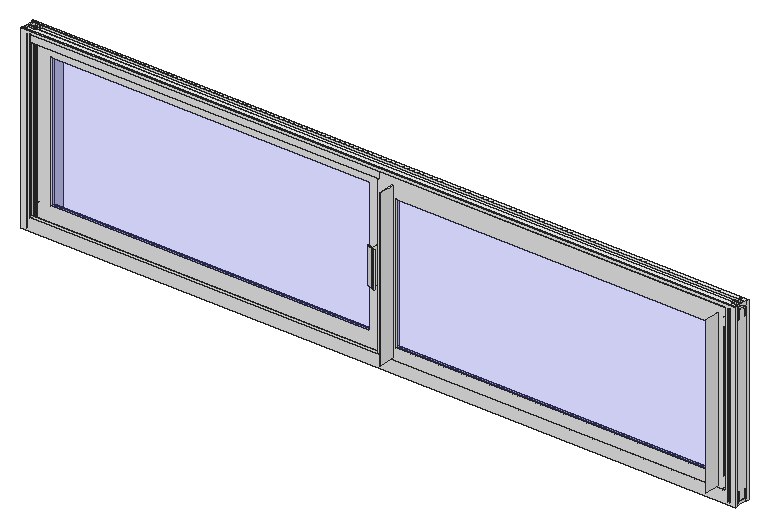
Revit family "WAL_A3-Classic-Horizontal-Slider-2400x600-SW246", category Windows, host Wall, Revit 2016
Family settings
  Host = Wall
  Always vertical = Yes
  Cut with Voids When Loaded = No
  Shared = No
  Room Calculation Point = No
Parameters (values of type "2400 x 600 SW246 Classical Hoerizontal Slider")
  URL = "www.agi.co.za"
  Model = "Slider"
  Manufacturer Code = "SW246"
  Manufacturer = "AGI Aluminium"
  Height = 600 mm
  Glass Material = Glass
  Frame Material = Metal Aluminium
  Description = "Classic Horizontal Slider"
  Default Sill Height = 800 mm
  Wall Closure = By host
  Width = 2400 mm
  Assembly Code = "B2020110"
Reference planes
  plane 1 "Center": y = 0
  plane 2 "Center (Left/Right)": x = 0
  plane 3 "Left": x = -1200
  plane 4 "Right": x = 1200
  plane 5 "Sill": z = 800
  plane 6 "Head": z = 1400
  plane 7 "Exterior": y = 75
  plane 8 "Interior": y = -75
  plane 9: z = 1100
Forms (mm)
  Sweep 1, solid, material "Metal Aluminium" <- "Frame Material", detail levels medium+fine
    path origin (0, 0, 0) x (1, 0, 0) y (0, 0, 1)
      loop
        line (1200, 1400) -> (-1200, 1400)
    profile "Top Frame : Top Frame" origin (0, 0, 1400) x (0, 0, -1) y (0, -1, 0)
      loop
        line (0, -21) -> (0, -27) -> (40, -27) -> (40, -25) -> (14.96, -25) -> (14.96, -14) -> (40, -14) -> (40, -12) -> (14.96, -12) -> (9.96, -3.34) -> (9.96, 3.34) -> (14.96, 12) -> (40, 12) -> (40, 14) -> (13.805, 14) -> (7.96, 3.876) -> (7.96, 1) -> (5.96, 1) -> (5.96, 27) -> (0, 27) -> (0, 21) -> (2, 21) -> (2, 25) -> (3.96, 25) -> (3.96, -1) -> (7.96, -1) -> (7.96, -3.876) -> (12.96, -12.536) -> (12.96, -25) -> (2, -25) -> (2, -21) -> (0, -21)
  Sweep 2, solid, material "Metal Aluminium" <- "Frame Material", detail levels medium+fine
    path origin (0, 0, 0) x (1, 0, 0) y (0, 0, 1)
      loop
        line (1200, 800) -> (-1200, 800)
    profile "Bottom Frame : Bottom Frame" origin (0, 0, 800) x (0, 0, -1) y (0, -1, 0)
      loop
        line (0, -27) -> (0, -20) -> (-2, -20) -> (-2, -25) -> (-4, -25) -> (-4, 25) -> (-2, 25) -> (-2, 20) -> (0, 20) -> (0, 27) -> (-40, 27) -> (-40, 25) -> (-6, 25) -> (-6, 14) -> (-40, 14) -> (-40, 12) -> (-10, 12) -> (-10, -12) -> (-40, -12) -> (-40, -14) -> (-6, -14) -> (-6, -25) -> (-40, -25) -> (-40, -27) -> (0, -27)
  Sweep 3, solid, material "Metal Aluminium" <- "Frame Material", detail levels medium+fine
    path origin (0, 0, 0) x (1, 0, 0) y (0, 0, 1)
      loop
        line (1200, 1400) -> (1200, 800)
    profile "Side Frame : Side Frame" origin (1200, 0, 1100) x (1, 0, 0) y (0, -1, 0)
      loop
        line (0, -27) -> (0, -21) -> (-2, -21) -> (-2, -25) -> (-4, -25) -> (-4, 24.998) -> (-2, 24.998) -> (-2, 20.998) -> (0, 20.998) -> (0, 26.998) -> (-31, 26.998) -> (-31, 24.998) -> (-29, 24.998) -> (-29, 21.689) -> (-27, 21.689) -> (-27, 24.998) -> (-21.044, 24.998) -> (-21.044, 21.689) -> (-19.044, 21.689) -> (-19.044, 24.998) -> (-6, 24.998) -> (-6, 0.998) -> (-19.044, 0.998) -> (-19.044, 4.487) -> (-21.044, 4.487) -> (-21.044, 0.998) -> (-27, 0.998) -> (-27, 4.487) -> (-29, 4.487) -> (-29, 0.998) -> (-31, 0.998) -> (-31, -1.002) -> (-29, -1.002) -> (-29, -4.915) -> (-27, -4.915) -> (-27, -1.002) -> (-21.044, -1.002) -> (-21.044, -4.915) -> (-19.044, -4.915) -> (-19.044, -1.002) -> (-6, -1.002) -> (-6, -25) -> (-19.044, -25) -> (-19.044, -21.362) -> (-21.044, -21.362) -> (-21.044, -25) -> (-27, -25) -> (-27, -21.362) -> (-29, -21.362) -> (-29, -25) -> (-31, -25) -> (-31, -27) -> (0, -27)
  Sweep 4, solid, material "Metal Aluminium" <- "Frame Material", detail levels medium+fine
    path origin (0, 0, 0) x (1, 0, 0) y (0, 0, 1)
      loop
        line (-1200, 800) -> (-1200, 1400)
    profile "Side Frame : Side Frame" origin (-1200, 0, 1100) x (-1, 0, 0) y (0, -1, 0)
      loop
        line (0, -27) -> (0, -21) -> (-2, -21) -> (-2, -25) -> (-4, -25) -> (-4, 24.998) -> (-2, 24.998) -> (-2, 20.998) -> (0, 20.998) -> (0, 26.998) -> (-31, 26.998) -> (-31, 24.998) -> (-29, 24.998) -> (-29, 21.689) -> (-27, 21.689) -> (-27, 24.998) -> (-21.044, 24.998) -> (-21.044, 21.689) -> (-19.044, 21.689) -> (-19.044, 24.998) -> (-6, 24.998) -> (-6, 0.998) -> (-19.044, 0.998) -> (-19.044, 4.487) -> (-21.044, 4.487) -> (-21.044, 0.998) -> (-27, 0.998) -> (-27, 4.487) -> (-29, 4.487) -> (-29, 0.998) -> (-31, 0.998) -> (-31, -1.002) -> (-29, -1.002) -> (-29, -4.915) -> (-27, -4.915) -> (-27, -1.002) -> (-21.044, -1.002) -> (-21.044, -4.915) -> (-19.044, -4.915) -> (-19.044, -1.002) -> (-6, -1.002) -> (-6, -25) -> (-19.044, -25) -> (-19.044, -21.362) -> (-21.044, -21.362) -> (-21.044, -25) -> (-27, -25) -> (-27, -21.362) -> (-29, -21.362) -> (-29, -25) -> (-31, -25) -> (-31, -27) -> (0, -27)
  Sweep 5, solid, material "Metal Aluminium" <- "Frame Material", detail levels medium+fine
    path origin (0, 0, 0) x (1, 0, 0) y (0, 0, 1)
      loop
        line (0, 800) -> (-1169, 800)
    profile "Bottom slide L : Bottom slide L" origin (-584.5, 0, 800) x (0, 0, -1) y (0, -1, 0)
      loop
        line (-16, -20) -> (-16, -17) -> (-46, -17) -> (-46, -9) -> (-16, -9) -> (-16, -6) -> (-76, -6) -> (-76, -9.523) -> (-66, -9.523) -> (-66, -15.994) -> (-76, -15.994) -> (-76, -20) -> (-16, -20)
  Sweep 6, solid, material "Metal Aluminium" <- "Frame Material", detail levels medium+fine
    path origin (0, 0, 0) x (1, 0, 0) y (0, 0, 1)
      loop
        line (0, 1400) -> (-1169, 1400)
    profile "Top slide L : Top slide L" origin (-584.5, 0, 1400) x (0, 0, -1) y (0, -1, 0)
      loop
        line (16, -20) -> (76, -20) -> (76, -15.994) -> (66, -15.994) -> (66, -9.523) -> (76, -9.523) -> (76, -6) -> (16, -6) -> (16, -9) -> (46, -9) -> (46, -17) -> (16, -17) -> (16, -20)
  Sweep 7, solid, material "Metal Aluminium" <- "Frame Material", detail levels medium+fine
    path origin (0, 0, 0) x (1, 0, 0) y (0, 0, 1)
      loop
        line (-1200, 840) -> (-1200, 1360)
    profile "Side slide L : Side slide L" origin (-1200, 0, 1100) x (-1, 0, 0) y (0, -1, 0)
      loop
        line (-16, -19.998) -> (-16, -16.998) -> (-46, -16.998) -> (-46, -8.998) -> (-16, -8.998) -> (-16, -5.998) -> (-22, -5.998) -> (-22, -1.637) -> (-26, -1.637) -> (-26, -5.998) -> (-76, -5.998) -> (-76, -9.521) -> (-66, -9.521) -> (-66, -15.992) -> (-76, -15.992) -> (-76, -19.998) -> (-66, -19.998) -> (-66, -69.998) -> (-64, -69.998) -> (-64, -19.998) -> (-26, -19.998) -> (-26, -23.79) -> (-22, -23.79) -> (-22, -19.998) -> (-16, -19.998)
  Sweep 8, solid, material "Metal Aluminium" <- "Frame Material", detail levels medium+fine
    path origin (0, 0, 0) x (1, 0, 0) y (0, 0, 1)
      loop
        line (0, 1360) -> (0, 840)
    profile "Mid slide L : Mid slide L" origin (0, 0, 1100) x (1, 0, 0) y (0, -1, 0)
      loop
        line (-43.5, -15.992) -> (-53.5, -15.992) -> (-53.5, -19.998) -> (-43.5, -19.998) -> (-43.5, -69.998) -> (-41.5, -69.998) -> (-41.5, -19.998) -> (6.5, -19.998) -> (6.5, -16.998) -> (-23.5, -16.998) -> (-23.5, -8.998) -> (6.5, -8.998) -> (6.5, 3.5) -> (-3.5, 3.5) -> (-3.5, 0.5) -> (3.5, 0.5) -> (3.5, -5.998) -> (-53.5, -5.998) -> (-53.5, -9.521) -> (-43.5, -9.521) -> (-43.5, -15.992)
  Sweep 9, solid, material "Metal Aluminium" <- "Frame Material", detail levels medium+fine
    path origin (0, 0, 0) x (1, 0, 0) y (0, 0, 1)
      loop
        line (1200, 1360) -> (1200, 840)
    profile "Side slide R : Side slide R" origin (1200, 0, 1100) x (1, 0, 0) y (0, -1, 0)
      loop
        line (-16, 19.998) -> (-22, 19.998) -> (-22, 23.79) -> (-26, 23.79) -> (-26, 19.998) -> (-64, 19.998) -> (-64, 69.998) -> (-66, 69.998) -> (-66, 19.998) -> (-76, 19.998) -> (-76, 15.992) -> (-66, 15.992) -> (-66, 9.521) -> (-76, 9.521) -> (-76, 5.998) -> (-26, 5.998) -> (-26, 1.637) -> (-22, 1.637) -> (-22, 5.998) -> (-16, 5.998) -> (-16, 8.998) -> (-46, 8.998) -> (-46, 16.998) -> (-16, 16.998) -> (-16, 19.998)
  Sweep 10, solid, material "Metal Aluminium" <- "Frame Material", detail levels medium+fine
    path origin (0, 0, 0) x (1, 0, 0) y (0, 0, 1)
      loop
        line (1169, 1400) -> (0, 1400)
    profile "Top slide R : Top slide R" origin (584.5, 0, 1400) x (0, 0, -1) y (0, -1, 0)
      loop
        line (16, 20) -> (16, 17) -> (46, 17) -> (46, 9) -> (16, 9) -> (16, 6) -> (76, 6) -> (76, 9.523) -> (66, 9.523) -> (66, 15.994) -> (76, 15.994) -> (76, 20) -> (16, 20)
  Sweep 11, solid, material "Metal Aluminium" <- "Frame Material", detail levels medium+fine
    path origin (0, 0, 0) x (1, 0, 0) y (0, 0, 1)
      loop
        line (1169, 800) -> (0, 800)
    profile "Bottom slide R : Bottom slide R" origin (584.5, 0, 800) x (0, 0, -1) y (0, -1, 0)
      loop
        line (-16, 20) -> (-76, 20) -> (-76, 15.994) -> (-66, 15.994) -> (-66, 9.523) -> (-76, 9.523) -> (-76, 6) -> (-16, 6) -> (-16, 9) -> (-46, 9) -> (-46, 17) -> (-16, 17) -> (-16, 20)
  Sweep 12, solid, material "Metal Aluminium" <- "Frame Material", detail levels medium+fine
    path origin (0, 0, 0) x (1, 0, 0) y (0, 0, 1)
      loop
        line (0, 1360) -> (0, 840)
    profile "Mid slide R : Mid slide R" origin (0, 0, 1100) x (1, 0, 0) y (0, -1, 0)
      loop
        line (43.5, 15.992) -> (53.5, 15.992) -> (53.5, 19.998) -> (43.5, 19.998) -> (43.5, 69.998) -> (41.5, 69.998) -> (41.5, 19.998) -> (-6.5, 19.998) -> (-6.5, 16.998) -> (23.5, 16.998) -> (23.5, 8.998) -> (-6.5, 8.998) -> (-6.5, -3.5) -> (3.5, -3.5) -> (3.5, -0.5) -> (-3.5, -0.5) -> (-3.5, 5.998) -> (53.5, 5.998) -> (53.5, 9.521) -> (43.5, 9.521) -> (43.5, 15.992)
  Sweep 13, solid, material "Metal Aluminium" <- "Frame Material", detail levels medium+fine
    path origin (0, 0, 0) x (1, 0, 0) y (0, 0, 1)
      loop
        line (0, 1160) -> (0, 1040)
    profile "Handle : Handle" origin (0, 0, 1100) x (1, 0, 0) y (0, -1, 0)
      loop
        line (-8.5, -4.993) -> (-8.5, 10.998) -> (21.5, 10.998) -> (21.5, 14.998) -> (-8.529, 14.998) -> (-12.187, 35.744) -> (0, 40.18) -> (-0.702, 42.108) -> (-30.363, 31.312) -> (-29.679, 29.433) -> (-14.105, 35.101) -> (-10.5, 14.658) -> (-10.5, -4.993) -> (-8.5, -4.993)
  Extrusion 14, solid, material "Glass" <- "Glass Material", detail levels medium+fine
    sketch origin (0, 0, 0) x (1, 0, 0) y (0, 1, 0)
      loop
        line (-1134, 15.994) -> (-1134, 9.523) -> (-43.5, 9.523) -> (-43.5, 15.994) -> (-1134, 15.994)
    from 866 to 1334
  Extrusion 15, solid, material "Glass" <- "Glass Material", detail levels medium+fine
    sketch origin (0, 0, 0) x (1, 0, 0) y (0, 1, 0)
      loop
        line (43.5, -9.521) -> (43.5, -15.992) -> (1134, -15.992) -> (1134, -9.521) -> (43.5, -9.521)
    from 866 to 1334
Cuts and joins
  joined: Sweep 1, Sweep 2, Sweep 3, Sweep 4
  joined: Sweep 5, Sweep 6, Sweep 7, Sweep 8
  joined: Sweep 9, Sweep 10, Sweep 11, Sweep 12
Lines and regions (mm)
  Opening 1
    outline origin (3500, -75, 0) x (1, 0, 0) y (0, 0, 1)
      loop
        line (-2300, 800) -> (-2300, 1400) -> (-4700, 1400) -> (-4700, 800) -> (-2300, 800)
  symbolic lines
    curve 1: line (370.204, 0, 1200.413) -> (370.204, 0, 1017.699)
    curve 2: line (370.204, 0, 1200.413) -> (278.847, 0, 1109.056)
    curve 3: line (370.204, 0, 1017.699) -> (278.847, 0, 1109.056)
    curve 4: line (-367.796, 0, 1200.413) -> (-367.796, 0, 1017.699)
    curve 5: line (-367.796, 0, 1200.413) -> (-276.439, 0, 1109.056)
    curve 6: line (-367.796, 0, 1017.699) -> (-276.439, 0, 1109.056)
Text (mm)
  text "EXTERIOR" at (-1963.203, 1332.353, 0), in view "Ref. Level"
  text "INTERIOR" at (-1981.466, -818.386, 0), in view "Ref. Level"
  text "Exterior" at (0, 923.751, 2943.296), in view "Right"
  text "Exterior" at (0, 1040.484, 2685.409), in view "Left"
Dimensions and locks
  equal spacing: plane 3 "Left", plane 2 "Center (Left/Right)", plane 4 "Right"
  "Width": plane 3 "Left" to plane 4 "Right"
  "Height": plane 5 "Sill" to plane 6 "Head"
  "Default Sill Height": plane 5 "Sill" to level
  locked: plane 7 "Exterior" to host wall at 0
  locked: plane 8 "Interior" to host wall
  equal spacing: plane 6 "Head", plane 9, plane 5 "Sill"
  equal spacing: Sweep 13 sketch curve, plane 9, Sweep 13 sketch curve
  locked: Sweep 13 sketch curve to Sweep 13 sketch curve at 120
  aligned and locked: Extrusion 14 sketch curve to cut or joined group of Sweep 5, Sweep 6, Sweep 7, Sweep 8
  aligned and locked: cut or joined group of Sweep 5, Sweep 6, Sweep 7, Sweep 8 to Extrusion 14 sketch curve  (x3)
  aligned and locked: Extrusion 14 to cut or joined group of Sweep 5, Sweep 6, Sweep 7, Sweep 8  (x2)
  aligned and locked: Extrusion 15 sketch curve to cut or joined group of Sweep 9, Sweep 10, Sweep 11, Sweep 12  (x2)
  aligned and locked: cut or joined group of Sweep 9, Sweep 10, Sweep 11, Sweep 12 to Extrusion 15 sketch curve  (x2)
  aligned and locked: Extrusion 15 to cut or joined group of Sweep 9, Sweep 10, Sweep 11, Sweep 12  (x2)
  aligned and locked: plane 2 "Center (Left/Right)" to Sweep 5 sketch curve
  aligned and locked: Sweep 5 sketch curve to cut or joined group of Sweep 1, Sweep 2, Sweep 3, Sweep 4
Automatic sketch dimensions
  Opening 1 sketch curve to plane 3 "Left" = 0 mm
  Opening 1 sketch curve to plane 4 "Right" = 0 mm
  Opening 1 sketch curve to plane 5 "Sill" = 0 mm
  Opening 1 sketch curve to plane 6 "Head" = 0 mm
  Sweep 1 sketch curve to plane 3 "Left" = 0 mm
  plane 4 "Right" to Sweep 1 sketch curve = 0 mm
  plane 6 "Head" to Sweep 1 sketch curve = 0 mm
  Sweep 2 sketch curve to plane 3 "Left" = 0 mm
  plane 4 "Right" to Sweep 2 sketch curve = 0 mm
  Sweep 2 sketch curve to plane 5 "Sill" = 0 mm
  plane 4 "Right" to Sweep 3 sketch curve = 0 mm
  Sweep 3 sketch curve to plane 5 "Sill" = 0 mm
  plane 6 "Head" to Sweep 3 sketch curve = 0 mm
  Sweep 4 sketch curve to plane 3 "Left" = 0 mm
  Sweep 4 sketch curve to plane 5 "Sill" = 0 mm
  plane 6 "Head" to Sweep 4 sketch curve = 0 mm
  Sweep 5 sketch curve to plane 5 "Sill" = 0 mm
  Sweep 6 sketch curve to plane 2 "Center (Left/Right)" = 0 mm
  Sweep 6 sketch curve to plane 3 "Left" = 31 mm
  plane 6 "Head" to Sweep 6 sketch curve = 0 mm
  Sweep 7 sketch curve to plane 3 "Left" = 0 mm
  Sweep 7 sketch curve to plane 5 "Sill" = 40 mm
  plane 6 "Head" to Sweep 7 sketch curve = 40 mm
  Sweep 8 sketch curve to plane 2 "Center (Left/Right)" = 0 mm
  Sweep 8 sketch curve to plane 5 "Sill" = 40 mm
  plane 6 "Head" to Sweep 8 sketch curve = 40 mm
  plane 4 "Right" to Sweep 9 sketch curve = 0 mm
  Sweep 9 sketch curve to plane 5 "Sill" = 40 mm
  plane 6 "Head" to Sweep 9 sketch curve = 40 mm
  plane 2 "Center (Left/Right)" to Sweep 10 sketch curve = 0 mm
  plane 4 "Right" to Sweep 10 sketch curve = 31 mm
  plane 6 "Head" to Sweep 10 sketch curve = 0 mm
  plane 2 "Center (Left/Right)" to Sweep 11 sketch curve = 0 mm
  plane 4 "Right" to Sweep 11 sketch curve = 31 mm
  Sweep 11 sketch curve to plane 5 "Sill" = 0 mm
  plane 2 "Center (Left/Right)" to Sweep 12 sketch curve = 0 mm
  Sweep 12 sketch curve to plane 5 "Sill" = 40 mm
  plane 6 "Head" to Sweep 12 sketch curve = 40 mm
  plane 2 "Center (Left/Right)" to Sweep 13 sketch curve = 0 mm
  plane 9 to curve 3 = 9.056 mm
  plane 9 to curve 5 = 9.056 mm
  curve 1 to plane 9 = 82.301 mm
  curve 6 to plane 9 = 82.301 mm
  curve 6 to plane 2 "Center (Left/Right)" = 367.796 mm
  curve 6 to curve 5 = 91.357 mm
  plane 2 "Center (Left/Right)" to curve 2 = 278.847 mm
  curve 2 to curve 1 = 91.357 mm
